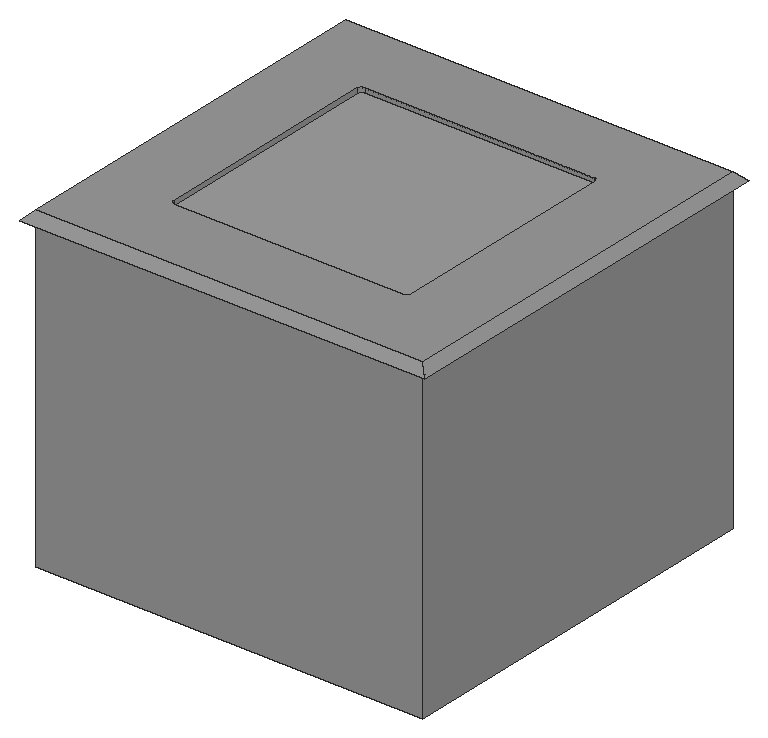
Revit family "4069232", category Lighting Fixtures, host Face, Revit 2017
Family settings
  Host = Face
  Round Connector Dimension = Use Diameter
  Part Type = Normal
  OmniClass Number = 23.80.70.00
  OmniClass Title = Lighting
  Cut with Voids When Loaded = No
  Light Source = Yes
  Shared = No
  Room Calculation Point = No
Parameters (values of type "4069232 PATHE/G/S2 MED 99LM LED 4K")
  Width_SYL = 95 mm
  Weight = "0.655 kg"
  Wattage Comments = ""
  Wattage = 1.5 W
  WarrantyStartDate [instance] = "n/a"
  WarrantyGuarantorParts = "n/a"
  WarrantyDurationUnit = "n/a"
  WarrantyDurationParts = "n/a"
  WarrantyDescription = "n/a"
  built-in parameter 1150110 = 1 (stored number, unit not read)
  Voltage = 230 V
  URL = "http://www.sylvania-lighting.com"
  TypeName = "PATHE/GROUND/SQUARE2 MEDIUM 99LM LED 4K"
  Type Image = <None>
  Type Comments = "n/a"
  built-in parameter 1114217 = 1 (stored number, unit not read)
  Tilt Angle = -90.00°
  built-in parameter 1150109 = 1 (stored number, unit not read)
  built-in parameter 1150134 = 12
  built-in parameter 1150113 = 1 (stored number, unit not read)
  SerialNumber [instance] = "n/a"
  Photometric Web File = "4069232.ies"
  Material_3_SYL = none
  PowerFactor = 0
  PowerConsumption = "1.5 W"
  NominalLength = 95 mm
  NominalHeight = 75 mm
  NominalDepth = 95 mm
  Name = "PATHE/GROUND/SQUARE2 MEDIUM 99LM LED 4K"
  ModelReference = Name  # "PATHE/GROUND/SQUARE2 MEDIUM 99LM LED 4K"
  ModelNumber = "4069232"
  Model = Name  # "PATHE/GROUND/SQUARE2 MEDIUM 99LM LED 4K"
  Material = "aluminium housing, uv stabilized pc polycarbonate diffuser"
  ManufacturerName = "Feilo Sylvania"
  Manufacturer = "Feilo Sylvania"
  LuminousEfficacy = "66 lm/W"
  built-in parameter 1150105 = 7.8782 (stored number, unit not read)
  Lumens = 99 lm
  LuminaireType = ""
  built-in parameter 1150115 = 1 (stored number, unit not read)
  LightOutputRatio = "100"
  built-in parameter 1150137 = (empty or 0)
  built-in parameter 1150139 = (empty or 0)
  LampsType = Lamp  # "LED"
  LampNominalLuminous = "99 lm"
  LampMacAdamStep = "n/a"
  LampColourTemperature = "4000 K"
  LampColourRenderingIndex = "80"
  built-in parameter 1150112 = 1 (stored number, unit not read)
  built-in parameter 1150114 = 1 (stored number, unit not read)
  Lamp = "LED"
  Keynote = "16500"
  InstallationDate [instance] = "n/a"
  InputVoltage = "220-240 V AC"
  InputNominalFrequency = "50/60 Hz"
  built-in parameter 1150132 = (empty or 0)
  built-in parameter 1150102 = (empty or 0)
  built-in parameter 1150107 = 4000 (stored number, unit not read)
  built-in parameter 1150138 = (empty or 0)
  IngressProtection = "IP67"
  ImpactProtectionIndex = "IK08"
  built-in parameter 1150106 = 0.078782 (stored number, unit not read)
  IfcExportType = "IfcLightFixtureType"
  IfcExportAs = "IfcLightFixtureType"
  Height_SYL = 75 mm
  HeightAboveGround_SYL = 2 mm
  Emit from Rectangle Width = DiffuserCutOut_SYL  # 55.882 mm
  Emit from Rectangle Length = DiffuserCutOut_SYL  # 55.882 mm
  Emit Shape Visible in Rendering = no
  ElectricShockClassification = "Class I"
  built-in parameter 1150104 = 6.1316 (stored number, unit not read)
  DocumentationLiterature = "http://www.sylvania-lighting.com/product/en-int/products/4069232"
  DimmingControlOptions = "Non dimmable"
  Material_2_SYL = Default
  Dimming Lamp Color Temperature Shift = <None>
  DiffuserCutOut_SYL = 55.882 mm
  Description = "Square recessed ground luminaireCorrosion resistant die-cast aluminium, 99lm, 1.5W, 66lm/W, 4000K, CRI80+, 30°, non dimmable, IP67, IK08,  (HxWxD) 95x95x75mm, 3 step MacAdam ellipse, Class I, 220-240V, A++ A+ A"
  Default Elevation = 1219.2 mm
  CreatedOn = "1/21/2020"
  CreatedBy = "@sylvania-lighting.com"
  Cost = 0
  Color Filter = 16777215
  built-in parameter 1114216 [instance] = (empty or 0)
  ClassificationValue = "EF_70_80"
  ClassificationName = "Uniclass2015"
  Material_1_SYL = Aluminum
  ChamferWidth_SYL = HeightAboveGround_SYL  # 2 mm
  BarCode [instance] = "n/a"
  built-in parameter 1114218 = 1 (stored number, unit not read)
  built-in parameter 1150133 = 10 (stored number, unit not read)
  AssetType = "Fixed"
  AssetIdentifier [instance] = "n/a"
  Assembly Code = "D5020200"
  Apparent Load = 1.5 VA
  Material_4_SYL = none
Reference planes
  plane 1 "Center (Front/Back)": y = 0
  plane 2: z = 0
  plane 3 "Center (Left/Right)": x = 0
  plane 4: x = 47.5
  plane 5: x = -47.5
  plane 6: y = 47.5
  plane 7: y = -47.5
  plane 8: x = -27.941
  plane 9: x = 27.941
  plane 10: y = 27.941
  plane 11: y = -27.941
  plane 12: z = 2
  plane 13: x = -45.5
  plane 14: y = 45.5
  plane 15: x = 45.5
  plane 16: y = -45.5
  plane 17: z = -73
  plane 18: z = 1
Forms (mm)
  Extrusion 1, void
    sketch origin (0, 0, 0) x (1, 0, 0) y (0, 1, 0)
      loop
        line (-45.5, 45.5) -> (-45.5, -45.5) -> (45.5, -45.5) -> (45.5, 45.5) -> (-45.5, 45.5)
    from 0 to -73
  Blend 2, solid, material "Aluminum" <- "Material_1_SYL"
    base sketch origin (0, 0, 0) x (1, 0, 0) y (0, 1, 0)
      loop
        line (-47.5, 47.5) -> (-47.5, -47.5) -> (47.5, -47.5) -> (47.5, 47.5) -> (-47.5, 47.5)
    top sketch origin (0, 0, 0) x (1, 0, 0) y (0, 1, 0)
      loop
        line (-45.5, 45.5) -> (-45.5, -45.5) -> (45.5, -45.5) -> (45.5, 45.5) -> (-45.5, 45.5)
    from 0 to 2
  Extrusion 3, void
    sketch origin (0, 0, 0) x (1, 0, 0) y (0, 1, 0)
      loop
        arc (-26.941, 27.941) -> (-27.648, 27.648) -> (-27.941, 26.941) r 1
        line (-27.941, 26.941) -> (-27.941, -26.941)
        arc (-27.941, -26.941) -> (-27.648, -27.648) -> (-26.941, -27.941) r 1
        line (-26.941, -27.941) -> (26.941, -27.941)
        arc (26.941, -27.941) -> (27.648, -27.648) -> (27.941, -26.941) r 1
        line (27.941, -26.941) -> (27.941, 26.941)
        arc (27.941, 26.941) -> (27.648, 27.648) -> (26.941, 27.941) r 1
        line (26.941, 27.941) -> (-26.941, 27.941)
    from 0 to 2
  Extrusion 4, solid, material "Default" <- "Material_2_SYL"
    sketch origin (0, 0, 0) x (1, 0, 0) y (0, 1, 0)
      loop
        line (27.941, -26.941) -> (27.941, 26.941)
        arc (27.941, 26.941) -> (27.648, 27.648) -> (26.941, 27.941) r 1
        line (26.941, 27.941) -> (-26.941, 27.941)
        arc (-26.941, 27.941) -> (-27.648, 27.648) -> (-27.941, 26.941) r 1
        line (-27.941, 26.941) -> (-27.941, -26.941)
        arc (-27.941, -26.941) -> (-27.648, -27.648) -> (-26.941, -27.941) r 1
        line (-26.941, -27.941) -> (26.941, -27.941)
        arc (26.941, -27.941) -> (27.648, -27.648) -> (27.941, -26.941) r 1
    from 0 to 1
  Extrusion 5, solid, material "Aluminum" <- "Material_1_SYL"
    sketch origin (0, 0, 0) x (1, 0, 0) y (0, 1, 0)
      loop
        line (-45.5, 45.5) -> (-45.5, -45.5) -> (45.5, -45.5) -> (45.5, 45.5) -> (-45.5, 45.5)
    from 0 to -73
Cuts and joins
  Extrusion 3 cuts Blend 2
Dimensions and locks
  equal spacing: host sketch curve, plane 3 "Center (Left/Right)", host sketch curve
  equal spacing: host sketch curve, plane 1 "Center (Front/Back)", host sketch curve
  locked: host sketch curve to host sketch curve at 600  (x2)
  equal spacing: plane 5, plane 3 "Center (Left/Right)", plane 4
  "Width_SYL": plane 5 to plane 4
  equal spacing: plane 7, plane 1 "Center (Front/Back)", plane 6
  "Width_SYL": plane 7 to plane 6
  equal spacing: plane 8, plane 3 "Center (Left/Right)", plane 9
  "DiffuserCutOut_SYL": plane 8 to plane 9
  equal spacing: plane 11, plane 1 "Center (Front/Back)", plane 10
  "DiffuserCutOut_SYL": plane 11 to plane 10
  "HeightAboveGround_SYL": plane 12 to plane 2
  equal spacing: plane 13, plane 3 "Center (Left/Right)", plane 15
  "ChamferWidth_SYL": plane 5 to plane 13
  equal spacing: plane 16, plane 1 "Center (Front/Back)", plane 14
  "ChamferWidth_SYL": plane 14 to plane 6
  "Height_SYL": plane 12 to plane 17
  locked: plane 12 to plane 18 at 1
  aligned and locked: plane 2 to host face
  aligned and locked: level to host face
  aligned and locked: plane 14 to Extrusion 1 sketch curve
  aligned and locked: plane 13 to Extrusion 1 sketch curve
  aligned and locked: Extrusion 1 sketch curve to plane 16
  aligned and locked: Extrusion 1 sketch curve to plane 15
  aligned and locked: plane 17 to Extrusion 1
  aligned and locked: level to Extrusion 1
  aligned and locked: plane 6 to Blend 2 sketch curve
  aligned and locked: plane 5 to Blend 2 sketch curve
  aligned and locked: Blend 2 sketch curve to plane 7
  aligned and locked: Blend 2 sketch curve to plane 4
  aligned and locked: plane 14 to Blend 2 sketch curve
  aligned and locked: plane 13 to Blend 2 sketch curve
  aligned and locked: Blend 2 sketch curve to plane 16
  aligned and locked: Blend 2 sketch curve to plane 15
  aligned and locked: Blend 2 to plane 12
  aligned and locked: Blend 2 to level
  aligned and locked: plane 10 to Extrusion 3 sketch curve
  aligned and locked: plane 8 to Extrusion 3 sketch curve
  aligned and locked: Extrusion 3 sketch curve to plane 11
  aligned and locked: Extrusion 3 sketch curve to plane 9
  aligned and locked: Extrusion 3 to plane 12
  aligned and locked: Extrusion 3 to level
  aligned and locked: Extrusion 4 sketch curve to cut or joined group of Blend 2, Extrusion 3  (x4)
  aligned and locked: Extrusion 4 to plane 18
  aligned and locked: Extrusion 4 to level
  aligned and locked: Extrusion 5 sketch curve to cut or joined group of Blend 2, Extrusion 3  (x4)
  aligned and locked: level to Extrusion 5
  aligned and locked: plane 17 to Extrusion 5
Automatic sketch dimensions
  plane 8 to Extrusion 3 sketch curve = 1 mm  (x2)
  Extrusion 3 sketch curve to plane 9 = 1 mm  (x2)
Connectors
  electrical at (0, 0, -73), driven by "PowerFactor", driven by "Apparent Load", driven by "Voltage"
    settings: on Extrusion 5, index 1, voltage 230 V, apparent load 0 VA, apparent load phase1 1.5 VA, apparent load phase2 0 VA, apparent load phase3 0 VA, power factor 0, load classification "Other", number of poles 1, system type 31, power factor state 1, is connector primary yes, connector utility no, sub classification motor no, connector description ""
